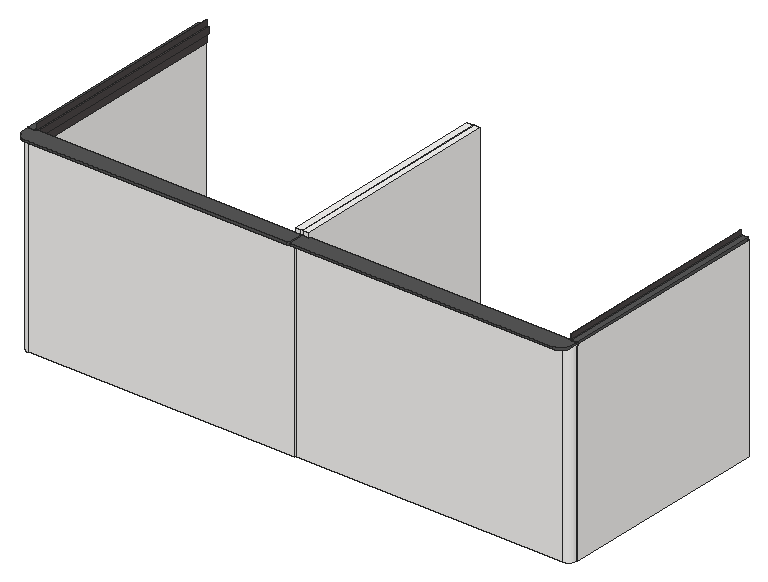
Revit family "vanity unit with 2 drawers for consoles with countertop basin ground", category Furniture, Revit 2019 (continued)
Types (48, lengths in mm): name | WEIGHT | Vanity unit 1560_550 with 2 drawers for consoles with countertop basin ground-54073700-Dark Walnut-MATT_WHITE-400_RX0RY0RZ0TX0TY0TZ0_V | Vanity unit 1560_550 with 2 drawers for consoles with countertop basin ground-54073700-Dark Walnut-MATT_WHITE-200_RX0RY0RZ0TX0TY0TZ0_V | Vanity unit 1560_550 with 2 drawers for consoles with countertop basin ground-54073670-Dark Walnut-MATT_BLACK-400_RX0RY0RZ0TX0TY0TZ0_V | Vanity unit 1560_550 with 2 drawers for consoles with countertop basin ground-54073670-Dark Walnut-MATT_BLACK-200_RX0RY0RZ0TX0TY0TZ0_V | Vanity unit 1560_550 with 2 drawers for consoles with countertop basin ground-54073000-Dark Walnut-CHROME-400_RX0RY0RZ0TX0TY0TZ0_V | Vanity unit 1560_550 with 2 drawers for consoles with countertop basin ground-54073000-Dark Walnut-CHROME-200_RX0RY0RZ0TX0TY0TZ0_V | Vanity unit 1560_550 with 2 drawers for consoles with countertop basin ground-54072700-Natural Oak-MATT_WHITE-400_RX0RY0RZ0TX0TY0TZ0_V | Vanity unit 1560_550 with 2 drawers for consoles with countertop basin ground-54072700-Natural Oak-MATT_WHITE-200_RX0RY0RZ0TX0TY0TZ0_V | Vanity unit 1560_550 with 2 drawers for consoles with countertop basin ground-54072670-Natural Oak-MATT_BLACK-400_RX0RY0RZ0TX0TY0TZ0_V | Vanity unit 1560_550 with 2 drawers for consoles with countertop basin ground-54072670-Natural Oak-MATT_BLACK-200_RX0RY0RZ0TX0TY0TZ0_V | Vanity unit 1560_550 with 2 drawers for consoles with countertop basin ground-54072000-Natural Oak-CHROME-400_RX0RY0RZ0TX0TY0TZ0_V | Vanity unit 1560_550 with 2 drawers for consoles with countertop basin ground-54072000-Natural Oak-CHROME-200_RX0RY0RZ0TX0TY0TZ0_V | Vanity unit 1560_550 with 2 drawers for consoles with countertop basin ground-54071700-Diamond Matt Grey-MATT_WHITE-400_RX0RY0RZ0TX0TY0TZ0_V | Vanity unit 1560_550 with 2 drawers for consoles with countertop basin ground-54071700-Diamond Matt Grey-MATT_WHITE-200_RX0RY0RZ0TX0TY0TZ0_V | Vanity unit 1560_550 with 2 drawers for consoles with countertop basin ground-54071670-Diamond Matt Grey-MATT_BLACK-400_RX0RY0RZ0TX0TY0TZ0_V | Vanity unit 1560_550 with 2 drawers for consoles with countertop basin ground-54071670-Diamond Matt Grey-MATT_BLACK-200_RX0RY0RZ0TX0TY0TZ0_V | Vanity unit 1560_550 with 2 drawers for consoles with countertop basin ground-54071000-Diamond Matt Grey-CHROME-400_RX0RY0RZ0TX0TY0TZ0_V | Vanity unit 1560_550 with 2 drawers for consoles with countertop basin ground-54071000-Diamond Matt Grey-CHROME-200_RX0RY0RZ0TX0TY0TZ0_V | Vanity unit 1560_550 with 2 drawers for consoles with countertop basin ground-54070700-High Gloss White-MATT_WHITE-400_RX0RY0RZ0TX0TY0TZ0_V | Vanity unit 1560_550 with 2 drawers for consoles with countertop basin ground-54070700-High Gloss White-MATT_WHITE-200_RX0RY0RZ0TX0TY0TZ0_V | Vanity unit 1560_550 with 2 drawers for consoles with countertop basin ground-54070670-High Gloss White-MATT_BLACK-400_RX0RY0RZ0TX0TY0TZ0_V | Vanity unit 1560_550 with 2 drawers for consoles with countertop basin ground-54070670-High Gloss White-MATT_BLACK-200_RX0RY0RZ0TX0TY0TZ0_V | Vanity unit 1560_550 with 2 drawers for consoles with countertop basin ground-54070000-High Gloss White-CHROME-400_RX0RY0RZ0TX0TY0TZ0_V | Vanity unit 1560_550 with 2 drawers for consoles with countertop basin ground-54070000-High Gloss White-CHROME-200_RX0RY0RZ0TX0TY0TZ0_V | Vanity unit 1360_550 with 2 drawers for consoles with countertop basin ground-54069700-Dark Walnut-MATT_WHITE-400_RX0RY0RZ0TX0TY0TZ0_V | Vanity unit 1360_550 with 2 drawers for consoles with countertop basin ground-54069700-Dark Walnut-MATT_WHITE-200_RX0RY0RZ0TX0TY0TZ0_V | Vanity unit 1360_550 with 2 drawers for consoles with countertop basin ground-54069670-Dark Walnut-MATT_BLACK-400_RX0RY0RZ0TX0TY0TZ0_V | Vanity unit 1360_550 with 2 drawers for consoles with countertop basin ground-54069670-Dark Walnut-MATT_BLACK-200_RX0RY0RZ0TX0TY0TZ0_V | Vanity unit 1360_550 with 2 drawers for consoles with countertop basin ground-54069000-Dark Walnut-CHROME-400_RX0RY0RZ0TX0TY0TZ0_V | Vanity unit 1360_550 with 2 drawers for consoles with countertop basin ground-54069000-Dark Walnut-CHROME-200_RX0RY0RZ0TX0TY0TZ0_V | Vanity unit 1360_550 with 2 drawers for consoles with countertop basin ground-54068700-Natural Oak-MATT_WHITE-400_RX0RY0RZ0TX0TY0TZ0_V | Vanity unit 1360_550 with 2 drawers for consoles with countertop basin ground-54068700-Natural Oak-MATT_WHITE-200_RX0RY0RZ0TX0TY0TZ0_V | Vanity unit 1360_550 with 2 drawers for consoles with countertop basin ground-54068670-Natural Oak-MATT_BLACK-400_RX0RY0RZ0TX0TY0TZ0_V | Vanity unit 1360_550 with 2 drawers for consoles with countertop basin ground-54068670-Natural Oak-MATT_BLACK-200_RX0RY0RZ0TX0TY0TZ0_V | Vanity unit 1360_550 with 2 drawers for consoles with countertop basin ground-54068000-Natural Oak-CHROME-400_RX0RY0RZ0TX0TY0TZ0_V | Vanity unit 1360_550 with 2 drawers for consoles with countertop basin ground-54068000-Natural Oak-CHROME-200_RX0RY0RZ0TX0TY0TZ0_V | Vanity unit 1360_550 with 2 drawers for consoles with countertop basin ground-54067700-Diamond Matt Grey-MATT_WHITE-400_RX0RY0RZ0TX0TY0TZ0_V | Vanity unit 1360_550 with 2 drawers for consoles with countertop basin ground-54067700-Diamond Matt Grey-MATT_WHITE-200_RX0RY0RZ0TX0TY0TZ0_V | Vanity unit 1360_550 with 2 drawers for consoles with countertop basin ground-54067670-Diamond Matt Grey-MATT_BLACK-400_RX0RY0RZ0TX0TY0TZ0_V | Vanity unit 1360_550 with 2 drawers for consoles with countertop basin ground-54067670-Diamond Matt Grey-MATT_BLACK-200_RX0RY0RZ0TX0TY0TZ0_V | Vanity unit 1360_550 with 2 drawers for consoles with countertop basin ground-54067000-Diamond Matt Grey-CHROME-400_RX0RY0RZ0TX0TY0TZ0_V | Vanity unit 1360_550 with 2 drawers for consoles with countertop basin ground-54067000-Diamond Matt Grey-CHROME-200_RX0RY0RZ0TX0TY0TZ0_V | Vanity unit 1360_550 with 2 drawers for consoles with countertop basin ground-54066700-High Gloss White-MATT_WHITE-400_RX0RY0RZ0TX0TY0TZ0_V | Vanity unit 1360_550 with 2 drawers for consoles with countertop basin ground-54066700-High Gloss White-MATT_WHITE-200_RX0RY0RZ0TX0TY0TZ0_V | Vanity unit 1360_550 with 2 drawers for consoles with countertop basin ground-54066670-High Gloss White-MATT_BLACK-400_RX0RY0RZ0TX0TY0TZ0_V | Vanity unit 1360_550 with 2 drawers for consoles with countertop basin ground-54066670-High Gloss White-MATT_BLACK-200_RX0RY0RZ0TX0TY0TZ0_V | Vanity unit 1360_550 with 2 drawers for consoles with countertop basin ground-54066000-High Gloss White-CHROME-400_RX0RY0RZ0TX0TY0TZ0_V | Vanity unit 1360_550 with 2 drawers for consoles with countertop basin ground-54066000-High Gloss White-CHROME-200_RX0RY0RZ0TX0TY0TZ0_V | SURFACE | PRODUCTURL | PERMALINK | OBERFLAECHE | NB | NAME | Model | MIdent | LODLEVEL | LINA | L | GTINCODE | BASENUMBER | ARTNR
  Vanity unit 1560_550 with 2 drawers for consoles with countertop basin ground-54070700-High Gloss White-MATT_WHITE-200 | "49.1" | no | no | no | no | no | no | no | no | no | no | no | no | no | no | no | no | no | no | no | yes | no | no | no | no | no | no | no | no | no | no | no | no | no | no | no | no | no | no | no | no | no | no | no | no | no | no | no | no | "MATT_WHITE" | "https://pro.hansgrohe.com/articledetail--54070000" | "54070XXX" | "High Gloss White" | "Vanity unit 1560/550 with 2 drawers for consoles with countertop basin ground-54070700-High Gloss White-MATT_WHITE-200" | "Xelu Q Vanity unit High Gloss White 1560/550 with 2 drawers for consoles with countertop basin ground" | "Vanity unit 1560/550 with 2 drawers for consoles with countertop basin ground-54070700-High Gloss White-MATT_WHITE-200" | "{$CADENAS_DATA/23d-libs/hansgrohe/xelu_furniture/vanity_unit_with_2_drawers_for_consoles_countertop/vanity_unit_2_drawers_for_consoles_countertop.prj},447 {VTYP=3D},{NB=Vanity unit 1560/550 with 2 drawers for consoles with countertop basin ground-54070700-High Gloss White-MATT_WHITE-200},{LINA=Vanity unit 1560/550 with 2 drawers for consoles with countertop basin ground-54070700-High Gloss White-MATT_WHITE-200},{NN=Vanity Unit with 2 Drawers for consoles with countertop basin ground},{DATE=13.03.2023 02:42:47},{GEOMDATE=08.03.2023 14:02:26},{VERSION=},{LINEID=150},{WBVAR=LODLEVEL},{WBNUMERIC=}  {NB=Vanity unit 1560/550 with 2 drawers for consoles with countertop basin ground-54070700-High Gloss White-MATT_WHITE-200},{LINA=Vanity unit 1560/550 with 2 drawers for consoles with countertop basin ground-54070700-High Gloss White-MATT_WHITE-200},{KT=DUMMY},{IDNR=15},{ARTNR=54070700},{BASENUMBER=Vanity unit 1560/550 with 2 drawers for consoles with countertop basin ground},{MODEL=54070XXX},{OBERFLAECHE=High Gloss White},{SURFACE=MATT_WHITE},{L=1560},{LODLEVEL=200},{LODLEVELX='400','400','200','200'},{NAME=Xelu Q Vanity unit High Gloss White 1560/550 with 2 drawers for consoles with countertop basin ground},{PERMALINK=54070XXX},{OBJECTTYPE=Object (single object)},{BIMOBJECT=Sanitary: Compound units},{PRODUCTFAMILY=Xelu Q},{PRODUCTGROUP=vanity unit},{WEIGHT=49.1},{DESCRIPTION=Xelu Q Vanity unit High Gloss White 1560/550 with 2 drawers for consoles with countertop basin ground},{SPECIFICATION=},{PRODUCTURL=https://pro.hansgrohe.com/articledetail--54070000},{GTINCODE=4059625456255},{TENDERURL=},{IFC=Furnishing element},{ETIM=EC011381 | Bathroom furniture set},{UNICLASS2015=Pr_40_30_78_05 | Bathroom furniture},{OMNICLASS=23-21 19 15 33 13 | Residential Bathroom Specialty Casework},{MASTERFORMAT=12 35 30.23 | Bathroom Casework},{UNSPSC=56 | Furniture and Furnishings},{UNIFORMATII=E2010 | Fixed Furnishings},{REGIONSET=Worldwide},{DESIGN=Germany},{MANUFACTURER=Germany}" | "200" | "Vanity unit 1560/550 with 2 drawers for consoles with countertop basin ground-54070700-High Gloss White-MATT_WHITE-200" | 1560 | "4059625456255" | "Vanity unit 1560/550 with 2 drawers for consoles with countertop basin ground" | "54070700"
  Vanity unit 1560_550 with 2 drawers for consoles with countertop basin ground-54070700-High Gloss White-MATT_WHITE-400 | "49.1" | no | no | no | no | no | no | no | no | no | no | no | no | no | no | no | no | no | no | yes | no | no | no | no | no | no | no | no | no | no | no | no | no | no | no | no | no | no | no | no | no | no | no | no | no | no | no | no | no | "MATT_WHITE" | "https://pro.hansgrohe.com/articledetail--54070000" | "54070XXX" | "High Gloss White" | "Vanity unit 1560/550 with 2 drawers for consoles with countertop basin ground-54070700-High Gloss White-MATT_WHITE-400" | "Xelu Q Vanity unit High Gloss White 1560/550 with 2 drawers for consoles with countertop basin ground" | "Vanity unit 1560/550 with 2 drawers for consoles with countertop basin ground-54070700-High Gloss White-MATT_WHITE-400" | "{$CADENAS_DATA/23d-libs/hansgrohe/xelu_furniture/vanity_unit_with_2_drawers_for_consoles_countertop/vanity_unit_2_drawers_for_consoles_countertop.prj},447 {VTYP=3D},{NB=Vanity unit 1560/550 with 2 drawers for consoles with countertop basin ground-54070700-High Gloss White-MATT_WHITE-400},{LINA=Vanity unit 1560/550 with 2 drawers for consoles with countertop basin ground-54070700-High Gloss White-MATT_WHITE-400},{NN=Vanity Unit with 2 Drawers for consoles with countertop basin ground},{DATE=13.03.2023 02:42:47},{GEOMDATE=08.03.2023 14:02:26},{VERSION=},{LINEID=150},{WBVAR=LODLEVEL},{WBNUMERIC=}  {NB=Vanity unit 1560/550 with 2 drawers for consoles with countertop basin ground-54070700-High Gloss White-MATT_WHITE-400},{LINA=Vanity unit 1560/550 with 2 drawers for consoles with countertop basin ground-54070700-High Gloss White-MATT_WHITE-400},{KT=DUMMY},{IDNR=15},{ARTNR=54070700},{BASENUMBER=Vanity unit 1560/550 with 2 drawers for consoles with countertop basin ground},{MODEL=54070XXX},{OBERFLAECHE=High Gloss White},{SURFACE=MATT_WHITE},{L=1560},{LODLEVEL=400},{LODLEVELX='400','400','200','200'},{NAME=Xelu Q Vanity unit High Gloss White 1560/550 with 2 drawers for consoles with countertop basin ground},{PERMALINK=54070XXX},{OBJECTTYPE=Object (single object)},{BIMOBJECT=Sanitary: Compound units},{PRODUCTFAMILY=Xelu Q},{PRODUCTGROUP=vanity unit},{WEIGHT=49.1},{DESCRIPTION=Xelu Q Vanity unit High Gloss White 1560/550 with 2 drawers for consoles with countertop basin ground},{SPECIFICATION=},{PRODUCTURL=https://pro.hansgrohe.com/articledetail--54070000},{GTINCODE=4059625456255},{TENDERURL=},{IFC=Furnishing element},{ETIM=EC011381 | Bathroom furniture set},{UNICLASS2015=Pr_40_30_78_05 | Bathroom furniture},{OMNICLASS=23-21 19 15 33 13 | Residential Bathroom Specialty Casework},{MASTERFORMAT=12 35 30.23 | Bathroom Casework},{UNSPSC=56 | Furniture and Furnishings},{UNIFORMATII=E2010 | Fixed Furnishings},{REGIONSET=Worldwide},{DESIGN=Germany},{MANUFACTURER=Germany}" | "400" | "Vanity unit 1560/550 with 2 drawers for consoles with countertop basin ground-54070700-High Gloss White-MATT_WHITE-400" | 1560 | "4059625456255" | "Vanity unit 1560/550 with 2 drawers for consoles with countertop basin ground" | "54070700"
  Vanity unit 1560_550 with 2 drawers for consoles with countertop basin ground-54071000-Diamond Matt Grey-CHROME-200 | "49.1" | no | no | no | no | no | no | no | no | no | no | no | no | no | no | no | no | no | yes | no | no | no | no | no | no | no | no | no | no | no | no | no | no | no | no | no | no | no | no | no | no | no | no | no | no | no | no | no | no | "CHROME" | "https://pro.hansgrohe.com/articledetail--54071000" | "54071XXX" | "Diamond Matt Grey" | "Vanity unit 1560/550 with 2 drawers for consoles with countertop basin ground-54071000-Diamond Matt Grey-CHROME-200" | "Xelu Q Vanity unit Diamond Matt Grey 1560/550 with 2 drawers for consoles with countertop basin ground" | "Vanity unit 1560/550 with 2 drawers for consoles with countertop basin ground-54071000-Diamond Matt Grey-CHROME-200" | "{$CADENAS_DATA/23d-libs/hansgrohe/xelu_furniture/vanity_unit_with_2_drawers_for_consoles_countertop/vanity_unit_2_drawers_for_consoles_countertop.prj},441 {VTYP=3D},{NB=Vanity unit 1560/550 with 2 drawers for consoles with countertop basin ground-54071000-Diamond Matt Grey-CHROME-200},{LINA=Vanity unit 1560/550 with 2 drawers for consoles with countertop basin ground-54071000-Diamond Matt Grey-CHROME-200},{NN=Vanity Unit with 2 Drawers for consoles with countertop basin ground},{DATE=13.03.2023 02:42:47},{GEOMDATE=08.03.2023 14:02:26},{VERSION=},{LINEID=170},{WBVAR=LODLEVEL},{WBNUMERIC=}  {NB=Vanity unit 1560/550 with 2 drawers for consoles with countertop basin ground-54071000-Diamond Matt Grey-CHROME-200},{LINA=Vanity unit 1560/550 with 2 drawers for consoles with countertop basin ground-54071000-Diamond Matt Grey-CHROME-200},{KT=DUMMY},{IDNR=17},{ARTNR=54071000},{BASENUMBER=Vanity unit 1560/550 with 2 drawers for consoles with countertop basin ground},{MODEL=54071XXX},{OBERFLAECHE=Diamond Matt Grey},{SURFACE=CHROME},{L=1560},{LODLEVEL=200},{LODLEVELX='400','400','200','200'},{NAME=Xelu Q Vanity unit Diamond Matt Grey 1560/550 with 2 drawers for consoles with countertop basin ground},{PERMALINK=54071XXX},{OBJECTTYPE=Object (single object)},{BIMOBJECT=Sanitary: Compound units},{PRODUCTFAMILY=Xelu Q},{PRODUCTGROUP=vanity unit},{WEIGHT=49.1},{DESCRIPTION=Xelu Q Vanity unit Diamond Matt Grey 1560/550 with 2 drawers for consoles with countertop basin ground},{SPECIFICATION=},{PRODUCTURL=https://pro.hansgrohe.com/articledetail--54071000},{GTINCODE=4059625456620},{TENDERURL=},{IFC=Furnishing element},{ETIM=EC011381 | Bathroom furniture set},{UNICLASS2015=Pr_40_30_78_05 | Bathroom furniture},{OMNICLASS=23-21 19 15 33 13 | Residential Bathroom Specialty Casework},{MASTERFORMAT=12 35 30.23 | Bathroom Casework},{UNSPSC=56 | Furniture and Furnishings},{UNIFORMATII=E2010 | Fixed Furnishings},{REGIONSET=Worldwide},{DESIGN=Germany},{MANUFACTURER=Germany}" | "200" | "Vanity unit 1560/550 with 2 drawers for consoles with countertop basin ground-54071000-Diamond Matt Grey-CHROME-200" | 1560 | "4059625456620" | "Vanity unit 1560/550 with 2 drawers for consoles with countertop basin ground" | "54071000"
  Vanity unit 1560_550 with 2 drawers for consoles with countertop basin ground-54071000-Diamond Matt Grey-CHROME-400 | "49.1" | no | no | no | no | no | no | no | no | no | no | no | no | no | no | no | no | yes | no | no | no | no | no | no | no | no | no | no | no | no | no | no | no | no | no | no | no | no | no | no | no | no | no | no | no | no | no | no | no | "CHROME" | "https://pro.hansgrohe.com/articledetail--54071000" | "54071XXX" | "Diamond Matt Grey" | "Vanity unit 1560/550 with 2 drawers for consoles with countertop basin ground-54071000-Diamond Matt Grey-CHROME-400" | "Xelu Q Vanity unit Diamond Matt Grey 1560/550 with 2 drawers for consoles with countertop basin ground" | "Vanity unit 1560/550 with 2 drawers for consoles with countertop basin ground-54071000-Diamond Matt Grey-CHROME-400" | "{$CADENAS_DATA/23d-libs/hansgrohe/xelu_furniture/vanity_unit_with_2_drawers_for_consoles_countertop/vanity_unit_2_drawers_for_consoles_countertop.prj},441 {VTYP=3D},{NB=Vanity unit 1560/550 with 2 drawers for consoles with countertop basin ground-54071000-Diamond Matt Grey-CHROME-400},{LINA=Vanity unit 1560/550 with 2 drawers for consoles with countertop basin ground-54071000-Diamond Matt Grey-CHROME-400},{NN=Vanity Unit with 2 Drawers for consoles with countertop basin ground},{DATE=13.03.2023 02:42:47},{GEOMDATE=08.03.2023 14:02:26},{VERSION=},{LINEID=170},{WBVAR=LODLEVEL},{WBNUMERIC=}  {NB=Vanity unit 1560/550 with 2 drawers for consoles with countertop basin ground-54071000-Diamond Matt Grey-CHROME-400},{LINA=Vanity unit 1560/550 with 2 drawers for consoles with countertop basin ground-54071000-Diamond Matt Grey-CHROME-400},{KT=DUMMY},{IDNR=17},{ARTNR=54071000},{BASENUMBER=Vanity unit 1560/550 with 2 drawers for consoles with countertop basin ground},{MODEL=54071XXX},{OBERFLAECHE=Diamond Matt Grey},{SURFACE=CHROME},{L=1560},{LODLEVEL=400},{LODLEVELX='400','400','200','200'},{NAME=Xelu Q Vanity unit Diamond Matt Grey 1560/550 with 2 drawers for consoles with countertop basin ground},{PERMALINK=54071XXX},{OBJECTTYPE=Object (single object)},{BIMOBJECT=Sanitary: Compound units},{PRODUCTFAMILY=Xelu Q},{PRODUCTGROUP=vanity unit},{WEIGHT=49.1},{DESCRIPTION=Xelu Q Vanity unit Diamond Matt Grey 1560/550 with 2 drawers for consoles with countertop basin ground},{SPECIFICATION=},{PRODUCTURL=https://pro.hansgrohe.com/articledetail--54071000},{GTINCODE=4059625456620},{TENDERURL=},{IFC=Furnishing element},{ETIM=EC011381 | Bathroom furniture set},{UNICLASS2015=Pr_40_30_78_05 | Bathroom furniture},{OMNICLASS=23-21 19 15 33 13 | Residential Bathroom Specialty Casework},{MASTERFORMAT=12 35 30.23 | Bathroom Casework},{UNSPSC=56 | Furniture and Furnishings},{UNIFORMATII=E2010 | Fixed Furnishings},{REGIONSET=Worldwide},{DESIGN=Germany},{MANUFACTURER=Germany}" | "400" | "Vanity unit 1560/550 with 2 drawers for consoles with countertop basin ground-54071000-Diamond Matt Grey-CHROME-400" | 1560 | "4059625456620" | "Vanity unit 1560/550 with 2 drawers for consoles with countertop basin ground" | "54071000"
  Vanity unit 1560_550 with 2 drawers for consoles with countertop basin ground-54071670-Diamond Matt Grey-MATT_BLACK-200 | "49.1" | no | no | no | no | no | no | no | no | no | no | no | no | no | no | no | yes | no | no | no | no | no | no | no | no | no | no | no | no | no | no | no | no | no | no | no | no | no | no | no | no | no | no | no | no | no | no | no | no | "MATT_BLACK" | "https://pro.hansgrohe.com/articledetail--54071000" | "54071XXX" | "Diamond Matt Grey" | "Vanity unit 1560/550 with 2 drawers for consoles with countertop basin ground-54071670-Diamond Matt Grey-MATT_BLACK-200" | "Xelu Q Vanity unit Diamond Matt Grey 1560/550 with 2 drawers for consoles with countertop basin ground" | "Vanity unit 1560/550 with 2 drawers for consoles with countertop basin ground-54071670-Diamond Matt Grey-MATT_BLACK-200" | "{$CADENAS_DATA/23d-libs/hansgrohe/xelu_furniture/vanity_unit_with_2_drawers_for_consoles_countertop/vanity_unit_2_drawers_for_consoles_countertop.prj},449 {VTYP=3D},{NB=Vanity unit 1560/550 with 2 drawers for consoles with countertop basin ground-54071670-Diamond Matt Grey-MATT_BLACK-200},{LINA=Vanity unit 1560/550 with 2 drawers for consoles with countertop basin ground-54071670-Diamond Matt Grey-MATT_BLACK-200},{NN=Vanity Unit with 2 Drawers for consoles with countertop basin ground},{DATE=13.03.2023 02:42:47},{GEOMDATE=08.03.2023 14:02:26},{VERSION=},{LINEID=180},{WBVAR=LODLEVEL},{WBNUMERIC=}  {NB=Vanity unit 1560/550 with 2 drawers for consoles with countertop basin ground-54071670-Diamond Matt Grey-MATT_BLACK-200},{LINA=Vanity unit 1560/550 with 2 drawers for consoles with countertop basin ground-54071670-Diamond Matt Grey-MATT_BLACK-200},{KT=DUMMY},{IDNR=18},{ARTNR=54071670},{BASENUMBER=Vanity unit 1560/550 with 2 drawers for consoles with countertop basin ground},{MODEL=54071XXX},{OBERFLAECHE=Diamond Matt Grey},{SURFACE=MATT_BLACK},{L=1560},{LODLEVEL=200},{LODLEVELX='400','400','200','200'},{NAME=Xelu Q Vanity unit Diamond Matt Grey 1560/550 with 2 drawers for consoles with countertop basin ground},{PERMALINK=54071XXX},{OBJECTTYPE=Object (single object)},{BIMOBJECT=Sanitary: Compound units},{PRODUCTFAMILY=Xelu Q},{PRODUCTGROUP=vanity unit},{WEIGHT=49.1},{DESCRIPTION=Xelu Q Vanity unit Diamond Matt Grey 1560/550 with 2 drawers for consoles with countertop basin ground},{SPECIFICATION=},{PRODUCTURL=https://pro.hansgrohe.com/articledetail--54071000},{GTINCODE=4059625456620},{TENDERURL=},{IFC=Furnishing element},{ETIM=EC011381 | Bathroom furniture set},{UNICLASS2015=Pr_40_30_78_05 | Bathroom furniture},{OMNICLASS=23-21 19 15 33 13 | Residential Bathroom Specialty Casework},{MASTERFORMAT=12 35 30.23 | Bathroom Casework},{UNSPSC=56 | Furniture and Furnishings},{UNIFORMATII=E2010 | Fixed Furnishings},{REGIONSET=Worldwide},{DESIGN=Germany},{MANUFACTURER=Germany}" | "200" | "Vanity unit 1560/550 with 2 drawers for consoles with countertop basin ground-54071670-Diamond Matt Grey-MATT_BLACK-200" | 1560 | "4059625456620" | "Vanity unit 1560/550 with 2 drawers for consoles with countertop basin ground" | "54071670"
  Vanity unit 1560_550 with 2 drawers for consoles with countertop basin ground-54071670-Diamond Matt Grey-MATT_BLACK-400 | "49.1" | no | no | no | no | no | no | no | no | no | no | no | no | no | no | yes | no | no | no | no | no | no | no | no | no | no | no | no | no | no | no | no | no | no | no | no | no | no | no | no | no | no | no | no | no | no | no | no | no | "MATT_BLACK" | "https://pro.hansgrohe.com/articledetail--54071000" | "54071XXX" | "Diamond Matt Grey" | "Vanity unit 1560/550 with 2 drawers for consoles with countertop basin ground-54071670-Diamond Matt Grey-MATT_BLACK-400" | "Xelu Q Vanity unit Diamond Matt Grey 1560/550 with 2 drawers for consoles with countertop basin ground" | "Vanity unit 1560/550 with 2 drawers for consoles with countertop basin ground-54071670-Diamond Matt Grey-MATT_BLACK-400" | "{$CADENAS_DATA/23d-libs/hansgrohe/xelu_furniture/vanity_unit_with_2_drawers_for_consoles_countertop/vanity_unit_2_drawers_for_consoles_countertop.prj},449 {VTYP=3D},{NB=Vanity unit 1560/550 with 2 drawers for consoles with countertop basin ground-54071670-Diamond Matt Grey-MATT_BLACK-400},{LINA=Vanity unit 1560/550 with 2 drawers for consoles with countertop basin ground-54071670-Diamond Matt Grey-MATT_BLACK-400},{NN=Vanity Unit with 2 Drawers for consoles with countertop basin ground},{DATE=13.03.2023 02:42:47},{GEOMDATE=08.03.2023 14:02:26},{VERSION=},{LINEID=180},{WBVAR=LODLEVEL},{WBNUMERIC=}  {NB=Vanity unit 1560/550 with 2 drawers for consoles with countertop basin ground-54071670-Diamond Matt Grey-MATT_BLACK-400},{LINA=Vanity unit 1560/550 with 2 drawers for consoles with countertop basin ground-54071670-Diamond Matt Grey-MATT_BLACK-400},{KT=DUMMY},{IDNR=18},{ARTNR=54071670},{BASENUMBER=Vanity unit 1560/550 with 2 drawers for consoles with countertop basin ground},{MODEL=54071XXX},{OBERFLAECHE=Diamond Matt Grey},{SURFACE=MATT_BLACK},{L=1560},{LODLEVEL=400},{LODLEVELX='400','400','200','200'},{NAME=Xelu Q Vanity unit Diamond Matt Grey 1560/550 with 2 drawers for consoles with countertop basin ground},{PERMALINK=54071XXX},{OBJECTTYPE=Object (single object)},{BIMOBJECT=Sanitary: Compound units},{PRODUCTFAMILY=Xelu Q},{PRODUCTGROUP=vanity unit},{WEIGHT=49.1},{DESCRIPTION=Xelu Q Vanity unit Diamond Matt Grey 1560/550 with 2 drawers for consoles with countertop basin ground},{SPECIFICATION=},{PRODUCTURL=https://pro.hansgrohe.com/articledetail--54071000},{GTINCODE=4059625456620},{TENDERURL=},{IFC=Furnishing element},{ETIM=EC011381 | Bathroom furniture set},{UNICLASS2015=Pr_40_30_78_05 | Bathroom furniture},{OMNICLASS=23-21 19 15 33 13 | Residential Bathroom Specialty Casework},{MASTERFORMAT=12 35 30.23 | Bathroom Casework},{UNSPSC=56 | Furniture and Furnishings},{UNIFORMATII=E2010 | Fixed Furnishings},{REGIONSET=Worldwide},{DESIGN=Germany},{MANUFACTURER=Germany}" | "400" | "Vanity unit 1560/550 with 2 drawers for consoles with countertop basin ground-54071670-Diamond Matt Grey-MATT_BLACK-400" | 1560 | "4059625456620" | "Vanity unit 1560/550 with 2 drawers for consoles with countertop basin ground" | "54071670"
  Vanity unit 1560_550 with 2 drawers for consoles with countertop basin ground-54071700-Diamond Matt Grey-MATT_WHITE-200 | "49.1" | no | no | no | no | no | no | no | no | no | no | no | no | no | yes | no | no | no | no | no | no | no | no | no | no | no | no | no | no | no | no | no | no | no | no | no | no | no | no | no | no | no | no | no | no | no | no | no | no | "MATT_WHITE" | "https://pro.hansgrohe.com/articledetail--54071000" | "54071XXX" | "Diamond Matt Grey" | "Vanity unit 1560/550 with 2 drawers for consoles with countertop basin ground-54071700-Diamond Matt Grey-MATT_WHITE-200" | "Xelu Q Vanity unit Diamond Matt Grey 1560/550 with 2 drawers for consoles with countertop basin ground" | "Vanity unit 1560/550 with 2 drawers for consoles with countertop basin ground-54071700-Diamond Matt Grey-MATT_WHITE-200" | "{$CADENAS_DATA/23d-libs/hansgrohe/xelu_furniture/vanity_unit_with_2_drawers_for_consoles_countertop/vanity_unit_2_drawers_for_consoles_countertop.prj},449 {VTYP=3D},{NB=Vanity unit 1560/550 with 2 drawers for consoles with countertop basin ground-54071700-Diamond Matt Grey-MATT_WHITE-200},{LINA=Vanity unit 1560/550 with 2 drawers for consoles with countertop basin ground-54071700-Diamond Matt Grey-MATT_WHITE-200},{NN=Vanity Unit with 2 Drawers for consoles with countertop basin ground},{DATE=13.03.2023 02:42:47},{GEOMDATE=08.03.2023 14:02:26},{VERSION=},{LINEID=160},{WBVAR=LODLEVEL},{WBNUMERIC=}  {NB=Vanity unit 1560/550 with 2 drawers for consoles with countertop basin ground-54071700-Diamond Matt Grey-MATT_WHITE-200},{LINA=Vanity unit 1560/550 with 2 drawers for consoles with countertop basin ground-54071700-Diamond Matt Grey-MATT_WHITE-200},{KT=DUMMY},{IDNR=16},{ARTNR=54071700},{BASENUMBER=Vanity unit 1560/550 with 2 drawers for consoles with countertop basin ground},{MODEL=54071XXX},{OBERFLAECHE=Diamond Matt Grey},{SURFACE=MATT_WHITE},{L=1560},{LODLEVEL=200},{LODLEVELX='400','400','200','200'},{NAME=Xelu Q Vanity unit Diamond Matt Grey 1560/550 with 2 drawers for consoles with countertop basin ground},{PERMALINK=54071XXX},{OBJECTTYPE=Object (single object)},{BIMOBJECT=Sanitary: Compound units},{PRODUCTFAMILY=Xelu Q},{PRODUCTGROUP=vanity unit},{WEIGHT=49.1},{DESCRIPTION=Xelu Q Vanity unit Diamond Matt Grey 1560/550 with 2 drawers for consoles with countertop basin ground},{SPECIFICATION=},{PRODUCTURL=https://pro.hansgrohe.com/articledetail--54071000},{GTINCODE=4059625456620},{TENDERURL=},{IFC=Furnishing element},{ETIM=EC011381 | Bathroom furniture set},{UNICLASS2015=Pr_40_30_78_05 | Bathroom furniture},{OMNICLASS=23-21 19 15 33 13 | Residential Bathroom Specialty Casework},{MASTERFORMAT=12 35 30.23 | Bathroom Casework},{UNSPSC=56 | Furniture and Furnishings},{UNIFORMATII=E2010 | Fixed Furnishings},{REGIONSET=Worldwide},{DESIGN=Germany},{MANUFACTURER=Germany}" | "200" | "Vanity unit 1560/550 with 2 drawers for consoles with countertop basin ground-54071700-Diamond Matt Grey-MATT_WHITE-200" | 1560 | "4059625456620" | "Vanity unit 1560/550 with 2 drawers for consoles with countertop basin ground" | "54071700"
  Vanity unit 1560_550 with 2 drawers for consoles with countertop basin ground-54071700-Diamond Matt Grey-MATT_WHITE-400 | "49.1" | no | no | no | no | no | no | no | no | no | no | no | no | yes | no | no | no | no | no | no | no | no | no | no | no | no | no | no | no | no | no | no | no | no | no | no | no | no | no | no | no | no | no | no | no | no | no | no | no | "MATT_WHITE" | "https://pro.hansgrohe.com/articledetail--54071000" | "54071XXX" | "Diamond Matt Grey" | "Vanity unit 1560/550 with 2 drawers for consoles with countertop basin ground-54071700-Diamond Matt Grey-MATT_WHITE-400" | "Xelu Q Vanity unit Diamond Matt Grey 1560/550 with 2 drawers for consoles with countertop basin ground" | "Vanity unit 1560/550 with 2 drawers for consoles with countertop basin ground-54071700-Diamond Matt Grey-MATT_WHITE-400" | "{$CADENAS_DATA/23d-libs/hansgrohe/xelu_furniture/vanity_unit_with_2_drawers_for_consoles_countertop/vanity_unit_2_drawers_for_consoles_countertop.prj},449 {VTYP=3D},{NB=Vanity unit 1560/550 with 2 drawers for consoles with countertop basin ground-54071700-Diamond Matt Grey-MATT_WHITE-400},{LINA=Vanity unit 1560/550 with 2 drawers for consoles with countertop basin ground-54071700-Diamond Matt Grey-MATT_WHITE-400},{NN=Vanity Unit with 2 Drawers for consoles with countertop basin ground},{DATE=13.03.2023 02:42:47},{GEOMDATE=08.03.2023 14:02:26},{VERSION=},{LINEID=160},{WBVAR=LODLEVEL},{WBNUMERIC=}  {NB=Vanity unit 1560/550 with 2 drawers for consoles with countertop basin ground-54071700-Diamond Matt Grey-MATT_WHITE-400},{LINA=Vanity unit 1560/550 with 2 drawers for consoles with countertop basin ground-54071700-Diamond Matt Grey-MATT_WHITE-400},{KT=DUMMY},{IDNR=16},{ARTNR=54071700},{BASENUMBER=Vanity unit 1560/550 with 2 drawers for consoles with countertop basin ground},{MODEL=54071XXX},{OBERFLAECHE=Diamond Matt Grey},{SURFACE=MATT_WHITE},{L=1560},{LODLEVEL=400},{LODLEVELX='400','400','200','200'},{NAME=Xelu Q Vanity unit Diamond Matt Grey 1560/550 with 2 drawers for consoles with countertop basin ground},{PERMALINK=54071XXX},{OBJECTTYPE=Object (single object)},{BIMOBJECT=Sanitary: Compound units},{PRODUCTFAMILY=Xelu Q},{PRODUCTGROUP=vanity unit},{WEIGHT=49.1},{DESCRIPTION=Xelu Q Vanity unit Diamond Matt Grey 1560/550 with 2 drawers for consoles with countertop basin ground},{SPECIFICATION=},{PRODUCTURL=https://pro.hansgrohe.com/articledetail--54071000},{GTINCODE=4059625456620},{TENDERURL=},{IFC=Furnishing element},{ETIM=EC011381 | Bathroom furniture set},{UNICLASS2015=Pr_40_30_78_05 | Bathroom furniture},{OMNICLASS=23-21 19 15 33 13 | Residential Bathroom Specialty Casework},{MASTERFORMAT=12 35 30.23 | Bathroom Casework},{UNSPSC=56 | Furniture and Furnishings},{UNIFORMATII=E2010 | Fixed Furnishings},{REGIONSET=Worldwide},{DESIGN=Germany},{MANUFACTURER=Germany}" | "400" | "Vanity unit 1560/550 with 2 drawers for consoles with countertop basin ground-54071700-Diamond Matt Grey-MATT_WHITE-400" | 1560 | "4059625456620" | "Vanity unit 1560/550 with 2 drawers for consoles with countertop basin ground" | "54071700"
  Vanity unit 1560_550 with 2 drawers for consoles with countertop basin ground-54072000-Natural Oak-CHROME-200 | "49.1" | no | no | no | no | no | no | no | no | no | no | no | yes | no | no | no | no | no | no | no | no | no | no | no | no | no | no | no | no | no | no | no | no | no | no | no | no | no | no | no | no | no | no | no | no | no | no | no | no | "CHROME" | "https://pro.hansgrohe.com/articledetail--54072000" | "54072XXX" | "Natural Oak" | "Vanity unit 1560/550 with 2 drawers for consoles with countertop basin ground-54072000-Natural Oak-CHROME-200" | "Xelu Q Vanity unit Natural Oak 1560/550 with 2 drawers for consoles with countertop basin ground" | "Vanity unit 1560/550 with 2 drawers for consoles with countertop basin ground-54072000-Natural Oak-CHROME-200" | "{$CADENAS_DATA/23d-libs/hansgrohe/xelu_furniture/vanity_unit_with_2_drawers_for_consoles_countertop/vanity_unit_2_drawers_for_consoles_countertop.prj},429 {VTYP=3D},{NB=Vanity unit 1560/550 with 2 drawers for consoles with countertop basin ground-54072000-Natural Oak-CHROME-200},{LINA=Vanity unit 1560/550 with 2 drawers for consoles with countertop basin ground-54072000-Natural Oak-CHROME-200},{NN=Vanity Unit with 2 Drawers for consoles with countertop basin ground},{DATE=13.03.2023 02:42:47},{GEOMDATE=08.03.2023 14:02:26},{VERSION=},{LINEID=190},{WBVAR=LODLEVEL},{WBNUMERIC=}  {NB=Vanity unit 1560/550 with 2 drawers for consoles with countertop basin ground-54072000-Natural Oak-CHROME-200},{LINA=Vanity unit 1560/550 with 2 drawers for consoles with countertop basin ground-54072000-Natural Oak-CHROME-200},{KT=DUMMY},{IDNR=19},{ARTNR=54072000},{BASENUMBER=Vanity unit 1560/550 with 2 drawers for consoles with countertop basin ground},{MODEL=54072XXX},{OBERFLAECHE=Natural Oak},{SURFACE=CHROME},{L=1560},{LODLEVEL=200},{LODLEVELX='400','400','200','200'},{NAME=Xelu Q Vanity unit Natural Oak 1560/550 with 2 drawers for consoles with countertop basin ground},{PERMALINK=54072XXX},{OBJECTTYPE=Object (single object)},{BIMOBJECT=Sanitary: Compound units},{PRODUCTFAMILY=Xelu Q},{PRODUCTGROUP=vanity unit},{WEIGHT=49.1},{DESCRIPTION=Xelu Q Vanity unit Natural Oak 1560/550 with 2 drawers for consoles with countertop basin ground},{SPECIFICATION=},{PRODUCTURL=https://pro.hansgrohe.com/articledetail--54072000},{GTINCODE=4059625456590},{TENDERURL=},{IFC=Furnishing element},{ETIM=EC011381 | Bathroom furniture set},{UNICLASS2015=Pr_40_30_78_05 | Bathroom furniture},{OMNICLASS=23-21 19 15 33 13 | Residential Bathroom Specialty Casework},{MASTERFORMAT=12 35 30.23 | Bathroom Casework},{UNSPSC=56 | Furniture and Furnishings},{UNIFORMATII=E2010 | Fixed Furnishings},{REGIONSET=Worldwide},{DESIGN=Germany},{MANUFACTURER=Germany}" | "200" | "Vanity unit 1560/550 with 2 drawers for consoles with countertop basin ground-54072000-Natural Oak-CHROME-200" | 1560 | "4059625456590" | "Vanity unit 1560/550 with 2 drawers for consoles with countertop basin ground" | "54072000"
  Vanity unit 1560_550 with 2 drawers for consoles with countertop basin ground-54072000-Natural Oak-CHROME-400 | "49.1" | no | no | no | no | no | no | no | no | no | no | yes | no | no | no | no | no | no | no | no | no | no | no | no | no | no | no | no | no | no | no | no | no | no | no | no | no | no | no | no | no | no | no | no | no | no | no | no | no | "CHROME" | "https://pro.hansgrohe.com/articledetail--54072000" | "54072XXX" | "Natural Oak" | "Vanity unit 1560/550 with 2 drawers for consoles with countertop basin ground-54072000-Natural Oak-CHROME-400" | "Xelu Q Vanity unit Natural Oak 1560/550 with 2 drawers for consoles with countertop basin ground" | "Vanity unit 1560/550 with 2 drawers for consoles with countertop basin ground-54072000-Natural Oak-CHROME-400" | "{$CADENAS_DATA/23d-libs/hansgrohe/xelu_furniture/vanity_unit_with_2_drawers_for_consoles_countertop/vanity_unit_2_drawers_for_consoles_countertop.prj},429 {VTYP=3D},{NB=Vanity unit 1560/550 with 2 drawers for consoles with countertop basin ground-54072000-Natural Oak-CHROME-400},{LINA=Vanity unit 1560/550 with 2 drawers for consoles with countertop basin ground-54072000-Natural Oak-CHROME-400},{NN=Vanity Unit with 2 Drawers for consoles with countertop basin ground},{DATE=13.03.2023 02:42:47},{GEOMDATE=08.03.2023 14:02:26},{VERSION=},{LINEID=190},{WBVAR=LODLEVEL},{WBNUMERIC=}  {NB=Vanity unit 1560/550 with 2 drawers for consoles with countertop basin ground-54072000-Natural Oak-CHROME-400},{LINA=Vanity unit 1560/550 with 2 drawers for consoles with countertop basin ground-54072000-Natural Oak-CHROME-400},{KT=DUMMY},{IDNR=19},{ARTNR=54072000},{BASENUMBER=Vanity unit 1560/550 with 2 drawers for consoles with countertop basin ground},{MODEL=54072XXX},{OBERFLAECHE=Natural Oak},{SURFACE=CHROME},{L=1560},{LODLEVEL=400},{LODLEVELX='400','400','200','200'},{NAME=Xelu Q Vanity unit Natural Oak 1560/550 with 2 drawers for consoles with countertop basin ground},{PERMALINK=54072XXX},{OBJECTTYPE=Object (single object)},{BIMOBJECT=Sanitary: Compound units},{PRODUCTFAMILY=Xelu Q},{PRODUCTGROUP=vanity unit},{WEIGHT=49.1},{DESCRIPTION=Xelu Q Vanity unit Natural Oak 1560/550 with 2 drawers for consoles with countertop basin ground},{SPECIFICATION=},{PRODUCTURL=https://pro.hansgrohe.com/articledetail--54072000},{GTINCODE=4059625456590},{TENDERURL=},{IFC=Furnishing element},{ETIM=EC011381 | Bathroom furniture set},{UNICLASS2015=Pr_40_30_78_05 | Bathroom furniture},{OMNICLASS=23-21 19 15 33 13 | Residential Bathroom Specialty Casework},{MASTERFORMAT=12 35 30.23 | Bathroom Casework},{UNSPSC=56 | Furniture and Furnishings},{UNIFORMATII=E2010 | Fixed Furnishings},{REGIONSET=Worldwide},{DESIGN=Germany},{MANUFACTURER=Germany}" | "400" | "Vanity unit 1560/550 with 2 drawers for consoles with countertop basin ground-54072000-Natural Oak-CHROME-400" | 1560 | "4059625456590" | "Vanity unit 1560/550 with 2 drawers for consoles with countertop basin ground" | "54072000"
  Vanity unit 1560_550 with 2 drawers for consoles with countertop basin ground-54072670-Natural Oak-MATT_BLACK-200 | "49.1" | no | no | no | no | no | no | no | no | no | yes | no | no | no | no | no | no | no | no | no | no | no | no | no | no | no | no | no | no | no | no | no | no | no | no | no | no | no | no | no | no | no | no | no | no | no | no | no | no | "MATT_BLACK" | "https://pro.hansgrohe.com/articledetail--54072000" | "54072XXX" | "Natural Oak" | "Vanity unit 1560/550 with 2 drawers for consoles with countertop basin ground-54072670-Natural Oak-MATT_BLACK-200" | "Xelu Q Vanity unit Natural Oak 1560/550 with 2 drawers for consoles with countertop basin ground" | "Vanity unit 1560/550 with 2 drawers for consoles with countertop basin ground-54072670-Natural Oak-MATT_BLACK-200" | "{$CADENAS_DATA/23d-libs/hansgrohe/xelu_furniture/vanity_unit_with_2_drawers_for_consoles_countertop/vanity_unit_2_drawers_for_consoles_countertop.prj},437 {VTYP=3D},{NB=Vanity unit 1560/550 with 2 drawers for consoles with countertop basin ground-54072670-Natural Oak-MATT_BLACK-200},{LINA=Vanity unit 1560/550 with 2 drawers for consoles with countertop basin ground-54072670-Natural Oak-MATT_BLACK-200},{NN=Vanity Unit with 2 Drawers for consoles with countertop basin ground},{DATE=13.03.2023 02:42:47},{GEOMDATE=08.03.2023 14:02:26},{VERSION=},{LINEID=210},{WBVAR=LODLEVEL},{WBNUMERIC=}  {NB=Vanity unit 1560/550 with 2 drawers for consoles with countertop basin ground-54072670-Natural Oak-MATT_BLACK-200},{LINA=Vanity unit 1560/550 with 2 drawers for consoles with countertop basin ground-54072670-Natural Oak-MATT_BLACK-200},{KT=DUMMY},{IDNR=21},{ARTNR=54072670},{BASENUMBER=Vanity unit 1560/550 with 2 drawers for consoles with countertop basin ground},{MODEL=54072XXX},{OBERFLAECHE=Natural Oak},{SURFACE=MATT_BLACK},{L=1560},{LODLEVEL=200},{LODLEVELX='400','400','200','200'},{NAME=Xelu Q Vanity unit Natural Oak 1560/550 with 2 drawers for consoles with countertop basin ground},{PERMALINK=54072XXX},{OBJECTTYPE=Object (single object)},{BIMOBJECT=Sanitary: Compound units},{PRODUCTFAMILY=Xelu Q},{PRODUCTGROUP=vanity unit},{WEIGHT=49.1},{DESCRIPTION=Xelu Q Vanity unit Natural Oak 1560/550 with 2 drawers for consoles with countertop basin ground},{SPECIFICATION=},{PRODUCTURL=https://pro.hansgrohe.com/articledetail--54072000},{GTINCODE=4059625456590},{TENDERURL=},{IFC=Furnishing element},{ETIM=EC011381 | Bathroom furniture set},{UNICLASS2015=Pr_40_30_78_05 | Bathroom furniture},{OMNICLASS=23-21 19 15 33 13 | Residential Bathroom Specialty Casework},{MASTERFORMAT=12 35 30.23 | Bathroom Casework},{UNSPSC=56 | Furniture and Furnishings},{UNIFORMATII=E2010 | Fixed Furnishings},{REGIONSET=Worldwide},{DESIGN=Germany},{MANUFACTURER=Germany}" | "200" | "Vanity unit 1560/550 with 2 drawers for consoles with countertop basin ground-54072670-Natural Oak-MATT_BLACK-200" | 1560 | "4059625456590" | "Vanity unit 1560/550 with 2 drawers for consoles with countertop basin ground" | "54072670"
  Vanity unit 1560_550 with 2 drawers for consoles with countertop basin ground-54072670-Natural Oak-MATT_BLACK-400 | "49.1" | no | no | no | no | no | no | no | no | yes | no | no | no | no | no | no | no | no | no | no | no | no | no | no | no | no | no | no | no | no | no | no | no | no | no | no | no | no | no | no | no | no | no | no | no | no | no | no | no | "MATT_BLACK" | "https://pro.hansgrohe.com/articledetail--54072000" | "54072XXX" | "Natural Oak" | "Vanity unit 1560/550 with 2 drawers for consoles with countertop basin ground-54072670-Natural Oak-MATT_BLACK-400" | "Xelu Q Vanity unit Natural Oak 1560/550 with 2 drawers for consoles with countertop basin ground" | "Vanity unit 1560/550 with 2 drawers for consoles with countertop basin ground-54072670-Natural Oak-MATT_BLACK-400" | "{$CADENAS_DATA/23d-libs/hansgrohe/xelu_furniture/vanity_unit_with_2_drawers_for_consoles_countertop/vanity_unit_2_drawers_for_consoles_countertop.prj},437 {VTYP=3D},{NB=Vanity unit 1560/550 with 2 drawers for consoles with countertop basin ground-54072670-Natural Oak-MATT_BLACK-400},{LINA=Vanity unit 1560/550 with 2 drawers for consoles with countertop basin ground-54072670-Natural Oak-MATT_BLACK-400},{NN=Vanity Unit with 2 Drawers for consoles with countertop basin ground},{DATE=13.03.2023 02:42:47},{GEOMDATE=08.03.2023 14:02:26},{VERSION=},{LINEID=210},{WBVAR=LODLEVEL},{WBNUMERIC=}  {NB=Vanity unit 1560/550 with 2 drawers for consoles with countertop basin ground-54072670-Natural Oak-MATT_BLACK-400},{LINA=Vanity unit 1560/550 with 2 drawers for consoles with countertop basin ground-54072670-Natural Oak-MATT_BLACK-400},{KT=DUMMY},{IDNR=21},{ARTNR=54072670},{BASENUMBER=Vanity unit 1560/550 with 2 drawers for consoles with countertop basin ground},{MODEL=54072XXX},{OBERFLAECHE=Natural Oak},{SURFACE=MATT_BLACK},{L=1560},{LODLEVEL=400},{LODLEVELX='400','400','200','200'},{NAME=Xelu Q Vanity unit Natural Oak 1560/550 with 2 drawers for consoles with countertop basin ground},{PERMALINK=54072XXX},{OBJECTTYPE=Object (single object)},{BIMOBJECT=Sanitary: Compound units},{PRODUCTFAMILY=Xelu Q},{PRODUCTGROUP=vanity unit},{WEIGHT=49.1},{DESCRIPTION=Xelu Q Vanity unit Natural Oak 1560/550 with 2 drawers for consoles with countertop basin ground},{SPECIFICATION=},{PRODUCTURL=https://pro.hansgrohe.com/articledetail--54072000},{GTINCODE=4059625456590},{TENDERURL=},{IFC=Furnishing element},{ETIM=EC011381 | Bathroom furniture set},{UNICLASS2015=Pr_40_30_78_05 | Bathroom furniture},{OMNICLASS=23-21 19 15 33 13 | Residential Bathroom Specialty Casework},{MASTERFORMAT=12 35 30.23 | Bathroom Casework},{UNSPSC=56 | Furniture and Furnishings},{UNIFORMATII=E2010 | Fixed Furnishings},{REGIONSET=Worldwide},{DESIGN=Germany},{MANUFACTURER=Germany}" | "400" | "Vanity unit 1560/550 with 2 drawers for consoles with countertop basin ground-54072670-Natural Oak-MATT_BLACK-400" | 1560 | "4059625456590" | "Vanity unit 1560/550 with 2 drawers for consoles with countertop basin ground" | "54072670"
  Vanity unit 1560_550 with 2 drawers for consoles with countertop basin ground-54072700-Natural Oak-MATT_WHITE-200 | "49.1" | no | no | no | no | no | no | no | yes | no | no | no | no | no | no | no | no | no | no | no | no | no | no | no | no | no | no | no | no | no | no | no | no | no | no | no | no | no | no | no | no | no | no | no | no | no | no | no | no | "MATT_WHITE" | "https://pro.hansgrohe.com/articledetail--54072000" | "54072XXX" | "Natural Oak" | "Vanity unit 1560/550 with 2 drawers for consoles with countertop basin ground-54072700-Natural Oak-MATT_WHITE-200" | "Xelu Q Vanity unit Natural Oak 1560/550 with 2 drawers for consoles with countertop basin ground" | "Vanity unit 1560/550 with 2 drawers for consoles with countertop basin ground-54072700-Natural Oak-MATT_WHITE-200" | "{$CADENAS_DATA/23d-libs/hansgrohe/xelu_furniture/vanity_unit_with_2_drawers_for_consoles_countertop/vanity_unit_2_drawers_for_consoles_countertop.prj},437 {VTYP=3D},{NB=Vanity unit 1560/550 with 2 drawers for consoles with countertop basin ground-54072700-Natural Oak-MATT_WHITE-200},{LINA=Vanity unit 1560/550 with 2 drawers for consoles with countertop basin ground-54072700-Natural Oak-MATT_WHITE-200},{NN=Vanity Unit with 2 Drawers for consoles with countertop basin ground},{DATE=13.03.2023 02:42:47},{GEOMDATE=08.03.2023 14:02:26},{VERSION=},{LINEID=200},{WBVAR=LODLEVEL},{WBNUMERIC=}  {NB=Vanity unit 1560/550 with 2 drawers for consoles with countertop basin ground-54072700-Natural Oak-MATT_WHITE-200},{LINA=Vanity unit 1560/550 with 2 drawers for consoles with countertop basin ground-54072700-Natural Oak-MATT_WHITE-200},{KT=DUMMY},{IDNR=20},{ARTNR=54072700},{BASENUMBER=Vanity unit 1560/550 with 2 drawers for consoles with countertop basin ground},{MODEL=54072XXX},{OBERFLAECHE=Natural Oak},{SURFACE=MATT_WHITE},{L=1560},{LODLEVEL=200},{LODLEVELX='400','400','200','200'},{NAME=Xelu Q Vanity unit Natural Oak 1560/550 with 2 drawers for consoles with countertop basin ground},{PERMALINK=54072XXX},{OBJECTTYPE=Object (single object)},{BIMOBJECT=Sanitary: Compound units},{PRODUCTFAMILY=Xelu Q},{PRODUCTGROUP=vanity unit},{WEIGHT=49.1},{DESCRIPTION=Xelu Q Vanity unit Natural Oak 1560/550 with 2 drawers for consoles with countertop basin ground},{SPECIFICATION=},{PRODUCTURL=https://pro.hansgrohe.com/articledetail--54072000},{GTINCODE=4059625456590},{TENDERURL=},{IFC=Furnishing element},{ETIM=EC011381 | Bathroom furniture set},{UNICLASS2015=Pr_40_30_78_05 | Bathroom furniture},{OMNICLASS=23-21 19 15 33 13 | Residential Bathroom Specialty Casework},{MASTERFORMAT=12 35 30.23 | Bathroom Casework},{UNSPSC=56 | Furniture and Furnishings},{UNIFORMATII=E2010 | Fixed Furnishings},{REGIONSET=Worldwide},{DESIGN=Germany},{MANUFACTURER=Germany}" | "200" | "Vanity unit 1560/550 with 2 drawers for consoles with countertop basin ground-54072700-Natural Oak-MATT_WHITE-200" | 1560 | "4059625456590" | "Vanity unit 1560/550 with 2 drawers for consoles with countertop basin ground" | "54072700"
  Vanity unit 1560_550 with 2 drawers for consoles with countertop basin ground-54072700-Natural Oak-MATT_WHITE-400 | "49.1" | no | no | no | no | no | no | yes | no | no | no | no | no | no | no | no | no | no | no | no | no | no | no | no | no | no | no | no | no | no | no | no | no | no | no | no | no | no | no | no | no | no | no | no | no | no | no | no | no | "MATT_WHITE" | "https://pro.hansgrohe.com/articledetail--54072000" | "54072XXX" | "Natural Oak" | "Vanity unit 1560/550 with 2 drawers for consoles with countertop basin ground-54072700-Natural Oak-MATT_WHITE-400" | "Xelu Q Vanity unit Natural Oak 1560/550 with 2 drawers for consoles with countertop basin ground" | "Vanity unit 1560/550 with 2 drawers for consoles with countertop basin ground-54072700-Natural Oak-MATT_WHITE-400" | "{$CADENAS_DATA/23d-libs/hansgrohe/xelu_furniture/vanity_unit_with_2_drawers_for_consoles_countertop/vanity_unit_2_drawers_for_consoles_countertop.prj},437 {VTYP=3D},{NB=Vanity unit 1560/550 with 2 drawers for consoles with countertop basin ground-54072700-Natural Oak-MATT_WHITE-400},{LINA=Vanity unit 1560/550 with 2 drawers for consoles with countertop basin ground-54072700-Natural Oak-MATT_WHITE-400},{NN=Vanity Unit with 2 Drawers for consoles with countertop basin ground},{DATE=13.03.2023 02:42:47},{GEOMDATE=08.03.2023 14:02:26},{VERSION=},{LINEID=200},{WBVAR=LODLEVEL},{WBNUMERIC=}  {NB=Vanity unit 1560/550 with 2 drawers for consoles with countertop basin ground-54072700-Natural Oak-MATT_WHITE-400},{LINA=Vanity unit 1560/550 with 2 drawers for consoles with countertop basin ground-54072700-Natural Oak-MATT_WHITE-400},{KT=DUMMY},{IDNR=20},{ARTNR=54072700},{BASENUMBER=Vanity unit 1560/550 with 2 drawers for consoles with countertop basin ground},{MODEL=54072XXX},{OBERFLAECHE=Natural Oak},{SURFACE=MATT_WHITE},{L=1560},{LODLEVEL=400},{LODLEVELX='400','400','200','200'},{NAME=Xelu Q Vanity unit Natural Oak 1560/550 with 2 drawers for consoles with countertop basin ground},{PERMALINK=54072XXX},{OBJECTTYPE=Object (single object)},{BIMOBJECT=Sanitary: Compound units},{PRODUCTFAMILY=Xelu Q},{PRODUCTGROUP=vanity unit},{WEIGHT=49.1},{DESCRIPTION=Xelu Q Vanity unit Natural Oak 1560/550 with 2 drawers for consoles with countertop basin ground},{SPECIFICATION=},{PRODUCTURL=https://pro.hansgrohe.com/articledetail--54072000},{GTINCODE=4059625456590},{TENDERURL=},{IFC=Furnishing element},{ETIM=EC011381 | Bathroom furniture set},{UNICLASS2015=Pr_40_30_78_05 | Bathroom furniture},{OMNICLASS=23-21 19 15 33 13 | Residential Bathroom Specialty Casework},{MASTERFORMAT=12 35 30.23 | Bathroom Casework},{UNSPSC=56 | Furniture and Furnishings},{UNIFORMATII=E2010 | Fixed Furnishings},{REGIONSET=Worldwide},{DESIGN=Germany},{MANUFACTURER=Germany}" | "400" | "Vanity unit 1560/550 with 2 drawers for consoles with countertop basin ground-54072700-Natural Oak-MATT_WHITE-400" | 1560 | "4059625456590" | "Vanity unit 1560/550 with 2 drawers for consoles with countertop basin ground" | "54072700"
  Vanity unit 1560_550 with 2 drawers for consoles with countertop basin ground-54073000-Dark Walnut-CHROME-200 | "49.1" | no | no | no | no | no | yes | no | no | no | no | no | no | no | no | no | no | no | no | no | no | no | no | no | no | no | no | no | no | no | no | no | no | no | no | no | no | no | no | no | no | no | no | no | no | no | no | no | no | "CHROME" | "https://pro.hansgrohe.com/articledetail--54073000" | "54073XXX" | "Dark Walnut" | "Vanity unit 1560/550 with 2 drawers for consoles with countertop basin ground-54073000-Dark Walnut-CHROME-200" | "Xelu Q Vanity unit Dark Walnut 1560/550 with 2 drawers for consoles with countertop basin ground" | "Vanity unit 1560/550 with 2 drawers for consoles with countertop basin ground-54073000-Dark Walnut-CHROME-200" | "{$CADENAS_DATA/23d-libs/hansgrohe/xelu_furniture/vanity_unit_with_2_drawers_for_consoles_countertop/vanity_unit_2_drawers_for_consoles_countertop.prj},429 {VTYP=3D},{NB=Vanity unit 1560/550 with 2 drawers for consoles with countertop basin ground-54073000-Dark Walnut-CHROME-200},{LINA=Vanity unit 1560/550 with 2 drawers for consoles with countertop basin ground-54073000-Dark Walnut-CHROME-200},{NN=Vanity Unit with 2 Drawers for consoles with countertop basin ground},{DATE=13.03.2023 02:42:47},{GEOMDATE=08.03.2023 14:02:26},{VERSION=},{LINEID=220},{WBVAR=LODLEVEL},{WBNUMERIC=}  {NB=Vanity unit 1560/550 with 2 drawers for consoles with countertop basin ground-54073000-Dark Walnut-CHROME-200},{LINA=Vanity unit 1560/550 with 2 drawers for consoles with countertop basin ground-54073000-Dark Walnut-CHROME-200},{KT=DUMMY},{IDNR=22},{ARTNR=54073000},{BASENUMBER=Vanity unit 1560/550 with 2 drawers for consoles with countertop basin ground},{MODEL=54073XXX},{OBERFLAECHE=Dark Walnut},{SURFACE=CHROME},{L=1560},{LODLEVEL=200},{LODLEVELX='400','400','200','200'},{NAME=Xelu Q Vanity unit Dark Walnut 1560/550 with 2 drawers for consoles with countertop basin ground},{PERMALINK=54073XXX},{OBJECTTYPE=Object (single object)},{BIMOBJECT=Sanitary: Compound units},{PRODUCTFAMILY=Xelu Q},{PRODUCTGROUP=vanity unit},{WEIGHT=49.1},{DESCRIPTION=Xelu Q Vanity unit Dark Walnut 1560/550 with 2 drawers for consoles with countertop basin ground},{SPECIFICATION=},{PRODUCTURL=https://pro.hansgrohe.com/articledetail--54073000},{GTINCODE=4059625456569},{TENDERURL=},{IFC=Furnishing element},{ETIM=EC011381 | Bathroom furniture set},{UNICLASS2015=Pr_40_30_78_05 | Bathroom furniture},{OMNICLASS=23-21 19 15 33 13 | Residential Bathroom Specialty Casework},{MASTERFORMAT=12 35 30.23 | Bathroom Casework},{UNSPSC=56 | Furniture and Furnishings},{UNIFORMATII=E2010 | Fixed Furnishings},{REGIONSET=Worldwide},{DESIGN=Germany},{MANUFACTURER=Germany}" | "200" | "Vanity unit 1560/550 with 2 drawers for consoles with countertop basin ground-54073000-Dark Walnut-CHROME-200" | 1560 | "4059625456569" | "Vanity unit 1560/550 with 2 drawers for consoles with countertop basin ground" | "54073000"
  Vanity unit 1560_550 with 2 drawers for consoles with countertop basin ground-54073000-Dark Walnut-CHROME-400 | "49.1" | no | no | no | no | yes | no | no | no | no | no | no | no | no | no | no | no | no | no | no | no | no | no | no | no | no | no | no | no | no | no | no | no | no | no | no | no | no | no | no | no | no | no | no | no | no | no | no | no | "CHROME" | "https://pro.hansgrohe.com/articledetail--54073000" | "54073XXX" | "Dark Walnut" | "Vanity unit 1560/550 with 2 drawers for consoles with countertop basin ground-54073000-Dark Walnut-CHROME-400" | "Xelu Q Vanity unit Dark Walnut 1560/550 with 2 drawers for consoles with countertop basin ground" | "Vanity unit 1560/550 with 2 drawers for consoles with countertop basin ground-54073000-Dark Walnut-CHROME-400" | "{$CADENAS_DATA/23d-libs/hansgrohe/xelu_furniture/vanity_unit_with_2_drawers_for_consoles_countertop/vanity_unit_2_drawers_for_consoles_countertop.prj},429 {VTYP=3D},{NB=Vanity unit 1560/550 with 2 drawers for consoles with countertop basin ground-54073000-Dark Walnut-CHROME-400},{LINA=Vanity unit 1560/550 with 2 drawers for consoles with countertop basin ground-54073000-Dark Walnut-CHROME-400},{NN=Vanity Unit with 2 Drawers for consoles with countertop basin ground},{DATE=13.03.2023 02:42:47},{GEOMDATE=08.03.2023 14:02:26},{VERSION=},{LINEID=220},{WBVAR=LODLEVEL},{WBNUMERIC=}  {NB=Vanity unit 1560/550 with 2 drawers for consoles with countertop basin ground-54073000-Dark Walnut-CHROME-400},{LINA=Vanity unit 1560/550 with 2 drawers for consoles with countertop basin ground-54073000-Dark Walnut-CHROME-400},{KT=DUMMY},{IDNR=22},{ARTNR=54073000},{BASENUMBER=Vanity unit 1560/550 with 2 drawers for consoles with countertop basin ground},{MODEL=54073XXX},{OBERFLAECHE=Dark Walnut},{SURFACE=CHROME},{L=1560},{LODLEVEL=400},{LODLEVELX='400','400','200','200'},{NAME=Xelu Q Vanity unit Dark Walnut 1560/550 with 2 drawers for consoles with countertop basin ground},{PERMALINK=54073XXX},{OBJECTTYPE=Object (single object)},{BIMOBJECT=Sanitary: Compound units},{PRODUCTFAMILY=Xelu Q},{PRODUCTGROUP=vanity unit},{WEIGHT=49.1},{DESCRIPTION=Xelu Q Vanity unit Dark Walnut 1560/550 with 2 drawers for consoles with countertop basin ground},{SPECIFICATION=},{PRODUCTURL=https://pro.hansgrohe.com/articledetail--54073000},{GTINCODE=4059625456569},{TENDERURL=},{IFC=Furnishing element},{ETIM=EC011381 | Bathroom furniture set},{UNICLASS2015=Pr_40_30_78_05 | Bathroom furniture},{OMNICLASS=23-21 19 15 33 13 | Residential Bathroom Specialty Casework},{MASTERFORMAT=12 35 30.23 | Bathroom Casework},{UNSPSC=56 | Furniture and Furnishings},{UNIFORMATII=E2010 | Fixed Furnishings},{REGIONSET=Worldwide},{DESIGN=Germany},{MANUFACTURER=Germany}" | "400" | "Vanity unit 1560/550 with 2 drawers for consoles with countertop basin ground-54073000-Dark Walnut-CHROME-400" | 1560 | "4059625456569" | "Vanity unit 1560/550 with 2 drawers for consoles with countertop basin ground" | "54073000"
  Vanity unit 1560_550 with 2 drawers for consoles with countertop basin ground-54073670-Dark Walnut-MATT_BLACK-200 | "49.1" | no | no | no | yes | no | no | no | no | no | no | no | no | no | no | no | no | no | no | no | no | no | no | no | no | no | no | no | no | no | no | no | no | no | no | no | no | no | no | no | no | no | no | no | no | no | no | no | no | "MATT_BLACK" | "https://pro.hansgrohe.com/articledetail--54073000" | "54073XXX" | "Dark Walnut" | "Vanity unit 1560/550 with 2 drawers for consoles with countertop basin ground-54073670-Dark Walnut-MATT_BLACK-200" | "Xelu Q Vanity unit Dark Walnut 1560/550 with 2 drawers for consoles with countertop basin ground" | "Vanity unit 1560/550 with 2 drawers for consoles with countertop basin ground-54073670-Dark Walnut-MATT_BLACK-200" | "{$CADENAS_DATA/23d-libs/hansgrohe/xelu_furniture/vanity_unit_with_2_drawers_for_consoles_countertop/vanity_unit_2_drawers_for_consoles_countertop.prj},437 {VTYP=3D},{NB=Vanity unit 1560/550 with 2 drawers for consoles with countertop basin ground-54073670-Dark Walnut-MATT_BLACK-200},{LINA=Vanity unit 1560/550 with 2 drawers for consoles with countertop basin ground-54073670-Dark Walnut-MATT_BLACK-200},{NN=Vanity Unit with 2 Drawers for consoles with countertop basin ground},{DATE=13.03.2023 02:42:47},{GEOMDATE=08.03.2023 14:02:26},{VERSION=},{LINEID=240},{WBVAR=LODLEVEL},{WBNUMERIC=}  {NB=Vanity unit 1560/550 with 2 drawers for consoles with countertop basin ground-54073670-Dark Walnut-MATT_BLACK-200},{LINA=Vanity unit 1560/550 with 2 drawers for consoles with countertop basin ground-54073670-Dark Walnut-MATT_BLACK-200},{KT=DUMMY},{IDNR=24},{ARTNR=54073670},{BASENUMBER=Vanity unit 1560/550 with 2 drawers for consoles with countertop basin ground},{MODEL=54073XXX},{OBERFLAECHE=Dark Walnut},{SURFACE=MATT_BLACK},{L=1560},{LODLEVEL=200},{LODLEVELX='400','400','200','200'},{NAME=Xelu Q Vanity unit Dark Walnut 1560/550 with 2 drawers for consoles with countertop basin ground},{PERMALINK=54073XXX},{OBJECTTYPE=Object (single object)},{BIMOBJECT=Sanitary: Compound units},{PRODUCTFAMILY=Xelu Q},{PRODUCTGROUP=vanity unit},{WEIGHT=49.1},{DESCRIPTION=Xelu Q Vanity unit Dark Walnut 1560/550 with 2 drawers for consoles with countertop basin ground},{SPECIFICATION=},{PRODUCTURL=https://pro.hansgrohe.com/articledetail--54073000},{GTINCODE=4059625456569},{TENDERURL=},{IFC=Furnishing element},{ETIM=EC011381 | Bathroom furniture set},{UNICLASS2015=Pr_40_30_78_05 | Bathroom furniture},{OMNICLASS=23-21 19 15 33 13 | Residential Bathroom Specialty Casework},{MASTERFORMAT=12 35 30.23 | Bathroom Casework},{UNSPSC=56 | Furniture and Furnishings},{UNIFORMATII=E2010 | Fixed Furnishings},{REGIONSET=Worldwide},{DESIGN=Germany},{MANUFACTURER=Germany}" | "200" | "Vanity unit 1560/550 with 2 drawers for consoles with countertop basin ground-54073670-Dark Walnut-MATT_BLACK-200" | 1560 | "4059625456569" | "Vanity unit 1560/550 with 2 drawers for consoles with countertop basin ground" | "54073670"
